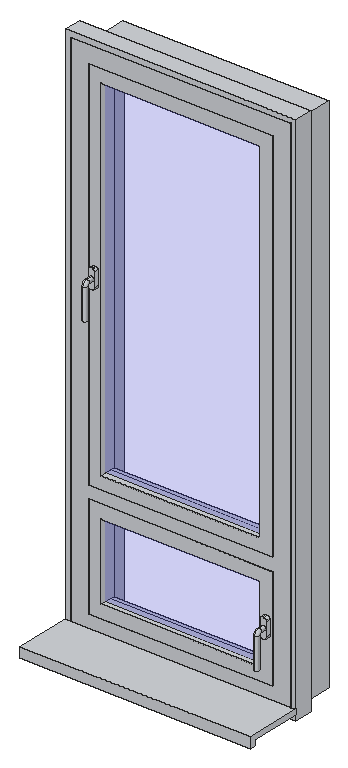
Revit family "AVLN_Окно_Фрамуга_1 створка", category Окна, Revit 2021
Family settings
  Основа = Стена
  Номер OmniClass = 23.30.20.00
  Заголовок OmniClass = Windows
  Всегда вертикально = Да
  При загрузке вырезать с полостями = Нет
  Общий = Нет
  Точка принадлежности помещению = Нет
Parameters (values of type "Для копирования!")
  Ширина рамы = 70 mm
  Ширина импоста = 50 mm
  Четверть слева/справа = 50 mm
  Четверть низ = 0 mm  # constant formula
  Четверть верх = 50 mm
  Толщина основы [instance] = 200 mm
  Створка_толщина = 25 mm  # constant formula
  Створка_снизу_высота = 400 mm
  Створка_профиль = 50 mm
  Створка ширина = Width - ((Ширина рамы * 2) + (Монтажный зазор * 2))  # 720 mm
  Створка высота = Height - (Створка_снизу_высота + (Ширина рамы * 2) + Ширина импоста + (Монтажный зазор * 2))  # 1470 mm
  Rough Width = Width - Монтажный зазор * 2  # 860 mm
  Rough Height = Height - Монтажный зазор * 2  # 2060 mm
  Подстановочный профиль_Ширина = 20 mm  # constant formula
  Подстановочный профиль_Толщина = 50 mm
  Подоконник_Толщина = 20 mm
  Подоконник_Длина = Width  # 900 mm
  Подоконник_Глубина = 190 mm
  Подоконник = yes
  Отлив_Толщина = 1 mm  # constant formula
  Отлив_Длина = Width - [Четверть слева/справа] * 2  # 800 mm
  Отлив_Глубина = 200 mm
  Отлив = no
  Откос_Н.Ширина = Width - 2 * [Четверть слева/справа]  # 800 mm
  Откос_Н.Толщина.8 = 32 mm
  Откос_Н.Толщина.7 = 28 mm
  Откос_Н.Толщина.6 = 24 mm
  Откос_Н.Толщина.5 = 20 mm
  Откос_Н.Толщина.4 = 16 mm
  Откос_Н.Толщина.3 = 12 mm
  Откос_Н.Толщина.2 = 8 mm
  Откос_Н.Толщина.1 = 4 mm
  Откос_Н.Отступ_П = 0 mm  # constant formula
  Откос_Н.Отступ_Л = 0 mm  # constant formula
  Откос_Н.Количество слоев = 1
  Откос_Н.Глубина = 150 mm
  Откос_Н.Высота = Height - Четверть верх - Четверть низ  # 2050 mm
  Откос_В.Толщина.8 = 32 mm
  Откос_В.Толщина.7 = 28 mm
  Откос_В.Толщина.6 = 24 mm
  Откос_В.Толщина.5 = 20 mm
  Откос_В.Толщина.4 = 16 mm
  Откос_В.Толщина.3 = 12 mm
  Откос_В.Толщина.2 = 8 mm
  Откос_В.Толщина.1 = 4 mm
  Откос_В.Отступ_П [instance] = Монтажный зазор + Подоконник_Толщина  # 40 mm
  Откос_В.Отступ_Л [instance] = Монтажный зазор + Подоконник_Толщина  # 40 mm
  Откос_В.Количество слоев = 0
  Откос_В.Глубина [instance] = Толщина основы - Глубина вставки - Ширина рамы  # 130 mm
  Определить тепловые свойства по = Тип схем
  Низ открывание = АВЛН_Створка открывная : Створка повороно-откидная левая
  Монтажный зазор = 20 mm
  М.Стекла = Стекло
  М.Рамы = none
  М.Подоконный профиль = none
  М.Подоконник = none
  М.Отлив = none
  М.Откос_Н.8 = none
  М.Откос_Н.7 = none
  М.Откос_Н.6 = none
  М.Откос_Н.5 = none
  М.Откос_Н.4 = none
  М.Откос_Н.3 = none
  М.Откос_Н.2 = none
  М.Откос_Н.1 = none
  М.Откос_В.8 = none
  М.Откос_В.7 = none
  М.Откос_В.6 = none
  М.Откос_В.5 = none
  М.Откос_В.4 = none
  М.Откос_В.3 = none
  М.Откос_В.2 = none
  М.Откос_В.1 = none
  М.Монтажного зазора = none
  Type Comments = ""
  Model = ""
  Глубина вставки = 0 mm
  Высота подоконника по умолчанию = 800 mm
  Height = 2100 mm
  Замыкание стены = По основе
  Width = 900 mm
  Верх открывание = АВЛН_Створка открывная : Створка повороно-откидная правая
  Аналитическая конструкция = "<Нет>"
  АВЛН_Проем_Ширина [instance] = Width  # 900 mm
  АВЛН_Проем_Высота [instance] = Height  # 2100 mm
  ADSK_Этаж [instance] = ""
  ADSK_Размер_Ширина = Width  # 900 mm
  ADSK_Размер_Высота = Height  # 2100 mm
  ADSK_Примечание [instance] = ""
  ADSK_Площадь = Height * Width  # 1.89 m²
  ADSK_Обозначение = ""
  ADSK_Номер секции [instance] = ""
  ADSK_Наименование = ""
  ADSK_Марка = ""
  ADSK_Группирование = ""
  -----------Разрезка----------- = "-----------"  # constant formula
  -----------Профили----------- = "-----------"  # constant formula
  -----------Подоконник----------- = "-----------"  # constant formula
  -----------Отлив----------- = "-----------"  # constant formula
  -----------Откос----------- = "-----------"  # constant formula
  -----------Основные габариты----------- = "-----------"  # constant formula
  -----------Вставка----------- = "-----------"  # constant formula
Reference planes
  plane 1 "По центру (Вперед/Назад)": y = 0
  plane 2 "По центру (Влево/Вправо)": x = 0
  plane 3 "Слева": x = -450
  plane 4 "Справа": x = 450
  plane 5 "Подоконник": z = 800
  plane 6 "Заголовок": z = 2900
  plane 7 "Наружный": y = 100
  plane 8 "Внутренние": y = -100
  plane 9 "Окно": y = 100
  plane 10: x = 430
  plane 11: z = 2880
  plane 12: x = -430
  plane 13: z = 820
  plane 14: x = 400
  plane 15: x = -400
  plane 16: z = 1850
  plane 17: y = 600
  plane 18: y = -400
  plane 19: z = 2850
  plane 20 "Чет. низ": z = 800
  plane 21 "Внутряння грань": y = 30
  plane 22: y = 80
  plane 23 "Импост верх": z = 1340
  plane 24 "Импост низ": z = 1290
  plane 25: z = 890
  plane 26: z = 2810
  plane 27: x = -360
  plane 28: x = 360
  plane 29 "4": z = 1315
  plane 30: z = 1090
  plane 31: x = 0
  plane 32: z = 2075
Forms (mm)
  Extrusion 1, void
    sketch origin (0, 100, 0) x (1, 0, 0) y (0, 0, 1)
      loop
        line (400, 2850) -> (-400, 2850) -> (-400, 800) -> (400, 800) -> (400, 2850)
    from -500 to 20
  Extrusion 2, void
    sketch origin (0, 100, 0) x (1, 0, 0) y (0, 0, 1)
      loop
        line (450, 2900) -> (-450, 2900) -> (-450, 800) -> (450, 800) -> (450, 2900)
    from 0 to 500
  Extrusion 3, solid, material <- "М.Монтажного зазора", detail levels medium+fine
    sketch origin (0, 100, 0) x (1, 0, 0) y (0, 0, 1)
      loop
        line (450, 2900) -> (-450, 2900) -> (-450, 800) -> (450, 800) -> (450, 2900)
      loop
        line (-430, 2880) -> (-430, 820) -> (430, 820) -> (430, 2880) -> (-430, 2880)
    from 0 to 70
  Extrusion 4, solid, material <- "М.Рамы", detail levels medium+fine
    sketch origin (0, 100, 0) x (-1, 0, 0) y (0, 0, 1)
      loop
        line (-430, 2880) -> (-430, 820) -> (430, 820) -> (430, 2880) -> (-430, 2880)
      loop
        line (-360, 2810) -> (-360, 1340) -> (360, 1340) -> (360, 2810) -> (-360, 2810)
      loop
        line (-360, 890) -> (360, 890) -> (360, 1290) -> (-360, 1290) -> (-360, 890)
    from -70 to 0
Lines and regions (mm)
  reference lines
    curve 1: line (-450, -100, 1315) -> (450, -100, 1315)
Text (mm)
  text "EXTERIOR" at (-1963.203, 1332.353, 0), in view "Опорный уровень"
  text "INTERIOR" at (-1981.466, -818.386, 0), in view "Опорный уровень"
  text "Наружный" at (0, 923.751, 2943.296), in view "Справа"
  text "Наружный" at (0, 1240.237, 2685.409), in view "Слева"
Dimensions and locks
  equal spacing: plane 3 "Слева", plane 2 "По центру (Влево/Вправо)", plane 4 "Справа"
  "Width": plane 3 "Слева" to plane 4 "Справа"
  "Height": plane 5 "Подоконник" to plane 6 "Заголовок"
  "Высота подоконника по умолчанию": plane 5 "Подоконник" to level
  locked: plane 7 "Наружный" to host wall
  locked: plane 8 "Внутренние" to host wall
  "Глубина вставки": plane 9 "Окно" to plane 7 "Наружный"
  "Монтажный зазор": plane 10 to plane 4 "Справа"
  "Монтажный зазор": plane 3 "Слева" to plane 12
  "Монтажный зазор": plane 11 to plane 6 "Заголовок"
  "Монтажный зазор": plane 5 "Подоконник" to plane 13
  "Четверть слева/справа": plane 14 to plane 4 "Справа"
  "Четверть слева/справа": plane 3 "Слева" to plane 15
  equal spacing: plane 5 "Подоконник", plane 16, plane 6 "Заголовок"
  locked: plane 7 "Наружный" to plane 17 at 500
  locked: plane 18 to plane 8 "Внутренние" at 300
  "Четверть верх": plane 19 to plane 6 "Заголовок"
  "Четверть низ": plane 5 "Подоконник" to plane 20 "Чет. низ"
  "Ширина рамы": plane 9 "Окно" to plane 21 "Внутряння грань"
  "Толщина основы": host wall to host wall
  locked: plane 22 to plane 21 "Внутряння грань" at 50
  "Ширина импоста": plane 24 "Импост низ" to plane 23 "Импост верх"
  "Ширина рамы": plane 28 to plane 10
  "Ширина рамы": plane 12 to plane 27
  "Ширина рамы": plane 13 to plane 25
  "Ширина рамы": plane 26 to plane 11
  plane 23 "Импост верх" to plane 26 = 1470 mm
  "Створка_снизу_высота": plane 25 to plane 24 "Импост низ"
  equal spacing: plane 23 "Импост верх", plane 29 "4", plane 24 "Импост низ"
  equal spacing: plane 3 "Слева", plane 31, plane 4 "Справа"
  equal spacing: plane 24 "Импост низ", plane 30, plane 25
  equal spacing: plane 26, plane 32, plane 23 "Импост верх", locked at 735 each
  aligned and locked: Extrusion 1 sketch curve to plane 14
  aligned and locked: Extrusion 1 sketch curve to plane 15
  aligned and locked: plane 17 to Extrusion 1
  aligned and locked: Extrusion 2 sketch curve to plane 6 "Заголовок"
  aligned and locked: Extrusion 2 sketch curve to plane 4 "Справа"
  aligned and locked: plane 5 "Подоконник" to Extrusion 2 sketch curve
  aligned and locked: plane 3 "Слева" to Extrusion 2 sketch curve
  aligned and locked: plane 9 "Окно" to Extrusion 2
  aligned and locked: Extrusion 2 to plane 18
  aligned and locked: Extrusion 1 sketch curve to plane 19
  aligned and locked: plane 20 "Чет. низ" to Extrusion 1 sketch curve
  aligned and locked: plane 9 "Окно" to nested 1
  aligned and locked: plane 2 "По центру (Влево/Вправо)" to nested 1
  aligned and locked: nested 2 to plane 21 "Внутряння грань"
  aligned and locked: nested 2 to plane 2 "По центру (Влево/Вправо)"
  aligned and locked: nested 3 to plane 2 "По центру (Влево/Вправо)"
  aligned and locked: plane 8 "Внутренние" to nested 3
  aligned and locked: nested 4 to plane 9 "Окно"
  aligned and locked: Extrusion 3 sketch curve to plane 6 "Заголовок"
  aligned and locked: Extrusion 3 sketch curve to plane 4 "Справа"
  aligned and locked: Extrusion 3 sketch curve to nested 2  (x2)
  aligned and locked: Extrusion 3 sketch curve to plane 11
  aligned and locked: Extrusion 3 sketch curve to plane 12
  aligned and locked: plane 13 to Extrusion 3 sketch curve
  aligned and locked: Extrusion 3 sketch curve to plane 10
  aligned and locked: Extrusion 3 to nested 2
  aligned and locked: plane 24 "Импост низ" to Extrusion 4 sketch curve
  aligned and locked: plane 23 "Импост верх" to Extrusion 4 sketch curve
  aligned and locked: Extrusion 4 sketch curve to Extrusion 4 sketch curve
  aligned and locked: plane 27 to Extrusion 4 sketch curve
  aligned and locked: Extrusion 4 sketch curve to plane 12
  aligned and locked: plane 13 to Extrusion 4 sketch curve
  aligned and locked: plane 28 to Extrusion 4 sketch curve  (x2)
  aligned and locked: plane 10 to Extrusion 4 sketch curve
  aligned and locked: Extrusion 4 sketch curve to plane 26
  aligned and locked: Extrusion 4 sketch curve to plane 11
  aligned and locked: plane 20 "Чет. низ" to nested 4
  aligned and locked: nested 4 to plane 2 "По центру (Влево/Вправо)"
  aligned and locked: plane 9 "Окно" to Extrusion 3
  aligned and locked: Extrusion 4 to plane 21 "Внутряння грань"
  aligned and locked: plane 9 "Окно" to Extrusion 4
  aligned and locked: Extrusion 1 to plane 22
  aligned and locked: curve 1 to plane 29 "4"
  aligned and locked: plane 3 "Слева" to curve 1
  aligned and locked: plane 4 "Справа" to curve 1
  aligned and locked: plane 30 to nested 6
  aligned and locked: plane 32 to nested 5
  aligned and locked: plane 31 to nested 5
  aligned and locked: plane 31 to nested 6
  aligned and locked: plane 31 to nested 8
  aligned and locked: nested 8 to plane 16
Automatic sketch dimensions
  Extrusion 4 sketch curve to plane 25 = 0 mm
Nested families
  nested 1: "Отлив" at (0, 100, 800) x (-1, 0, 0) z (0, 0, 1), Глубина отлива <- "Отлив_Глубина", Длина отлива <- "Отлив_Длина", ТО <- "Отлив_Толщина", Ш_МЗЗ <- "Монтажный зазор", Ш_ПП <- "Подстановочный профиль_Ширина", ADSK_Группирование <- "ADSK_Группирование", ADSK_Номер секции <- "ADSK_Номер секции", ADSK_Этаж <- "ADSK_Этаж", visible <- "Отлив", М <- "М.Отлив", type "Отлив", detail levels fine
    with Ш_ПП 20 mm, Ш_МЗЗ 20 mm, ТО 1 mm, М none, Длина отлива 800 mm, Глубина отлива 200 mm, ADSK_Этаж "", ADSK_Примечание "", ADSK_Обозначение "", ADSK_Номер секции "", ADSK_Наименование "", ADSK_Марка "", ADSK_Группирование ""
  nested 2: "Подоконник" at (0, 30, 800), Глубина подоконника <- "Подоконник_Глубина", Длина отлива <- "Подоконник_Длина", ТП <- "Подоконник_Толщина", Ш_МЗЗ <- "Монтажный зазор", Ш_ПП <- "Подстановочный профиль_Ширина", ADSK_Группирование <- "ADSK_Группирование", ADSK_Номер секции <- "ADSK_Номер секции", ADSK_Этаж <- "ADSK_Этаж", visible <- "Подоконник", М <- "М.Подоконник", type "Подоконник", detail levels fine
    with Ш_ПП 20 mm, Ш_МЗЗ 20 mm, ТП 20 mm, М none, Длина отлива 900 mm, Глубина подоконника 190 mm, ADSK_Этаж "", ADSK_Примечание "", ADSK_Обозначение "", ADSK_Номер секции "", ADSK_Наименование "", ADSK_Марка "", ADSK_Группирование ""
  nested 3: "AVLN_Откосы_R19" at (0, -100, 0), Глубина <- "Откос_В.Глубина", Высота от уровня <- "Высота подоконника по умолчанию", ADSK_Группирование <- "Type Comments", ADSK_Этаж <- "ADSK_Этаж", ADSK_Номер секции <- "ADSK_Номер секции", Материал_1 <- "М.Откос_В.1", Материал_2 <- "М.Откос_В.2", Материал_3 <- "М.Откос_В.3", Материал_4 <- "М.Откос_В.4", Материал_5 <- "М.Откос_В.5", Материал_6 <- "М.Откос_В.6", Материал_7 <- "М.Откос_В.7", Материал_8 <- "М.Откос_В.8", Толщина_1 <- "Откос_В.Толщина.1", Толщина_2 <- "Откос_В.Толщина.2", Толщина_3 <- "Откос_В.Толщина.3", Толщина_4 <- "Откос_В.Толщина.4", Толщина_5 <- "Откос_В.Толщина.5", Толщина_6 <- "Откос_В.Толщина.6", Толщина_7 <- "Откос_В.Толщина.7", Толщина_8 <- "Откос_В.Толщина.8", Количество слоев <- "Откос_В.Количество слоев", Отступ_Л <- "Откос_В.Отступ_Л", Отступ_П <- "Откос_В.Отступ_П", Высота <- "Height", Ширина <- "Width", type "AVLN_Откосы_R19"
    with Ширина_8 676 mm, Ширина_7 732 mm, Ширина_6 780 mm, Ширина_5 820 mm, Ширина_4 852 mm, Ширина_3 876 mm, Ширина_2 892 mm, Ширина 900 mm, Толщина_8 32 mm, Толщина_7 28 mm, Толщина_6 24 mm, Толщина_5 20 mm, Толщина_4 16 mm, Толщина_3 12 mm, Толщина_2 8 mm, Толщина_1 4 mm, Отступ_П 40 mm, Отступ_Л 40 mm, Материал_8 none, Материал_7 none, Материал_6 none, Материал_5 none, Материал_4 none, Материал_3 none, Материал_2 none, Материал_1 none, Количество слоев 0, Глубина 130 mm, Высота_8 1988 mm, Высота_7 2016 mm, Высота_6 2040 mm, Высота_5 2060 mm, Высота_4 2076 mm, Высота_3 2088 mm, Высота_2 2096 mm, Высота от уровня 800 mm, Высота 2100 mm, Видимость_8 no, Видимость_7 no, Видимость_6 no, Видимость_5 no, Видимость_4 no, Видимость_3 no, Видимость_2 no, Видимость_1 no, ADSK_Этаж "", ADSK_Номер секции "", ADSK_Группирование ""
  nested 4: "AVLN_Откосы_R19" at (0, 100, 0), Ширина <- "Откос_Н.Ширина", Глубина <- "Откос_Н.Глубина", Высота <- "Откос_Н.Высота", Высота от уровня <- "Высота подоконника по умолчанию", ADSK_Группирование <- "Type Comments", ADSK_Этаж <- "ADSK_Этаж", ADSK_Номер секции <- "ADSK_Номер секции", Материал_1 <- "М.Откос_Н.1", Материал_2 <- "М.Откос_Н.2", Материал_3 <- "М.Откос_Н.3", Материал_4 <- "М.Откос_Н.4", Материал_5 <- "М.Откос_Н.5", Материал_6 <- "М.Откос_Н.6", Материал_7 <- "М.Откос_Н.7", Материал_8 <- "М.Откос_Н.8", Толщина_1 <- "Откос_Н.Толщина.1", Толщина_2 <- "Откос_Н.Толщина.2", Толщина_3 <- "Откос_Н.Толщина.3", Толщина_4 <- "Откос_Н.Толщина.4", Толщина_5 <- "Откос_Н.Толщина.5", Толщина_6 <- "Откос_Н.Толщина.6", Толщина_7 <- "Откос_Н.Толщина.7", Толщина_8 <- "Откос_Н.Толщина.8", Количество слоев <- "Откос_Н.Количество слоев", Отступ_Л <- "Откос_Н.Отступ_Л", Отступ_П <- "Откос_Н.Отступ_П", type "AVLN_Откосы_R19"
    with Ширина_8 576 mm, Ширина_7 632 mm, Ширина_6 680 mm, Ширина_5 720 mm, Ширина_4 752 mm, Ширина_3 776 mm, Ширина_2 792 mm, Ширина 800 mm, Толщина_8 32 mm, Толщина_7 28 mm, Толщина_6 24 mm, Толщина_5 20 mm, Толщина_4 16 mm, Толщина_3 12 mm, Толщина_2 8 mm, Толщина_1 4 mm, Отступ_П 0 mm, Отступ_Л 0 mm, Материал_8 none, Материал_7 none, Материал_6 none, Материал_5 none, Материал_4 none, Материал_3 none, Материал_2 none, Материал_1 none, Количество слоев 1, Глубина 150 mm, Высота_8 1938 mm, Высота_7 1966 mm, Высота_6 1990 mm, Высота_5 2010 mm, Высота_4 2026 mm, Высота_3 2038 mm, Высота_2 2046 mm, Высота от уровня 800 mm, Высота 2050 mm, Видимость_8 no, Видимость_7 no, Видимость_6 no, Видимость_5 no, Видимость_4 no, Видимость_3 no, Видимость_2 no, Видимость_1 yes, ADSK_Этаж "", ADSK_Номер секции "", ADSK_Группирование ""
  nested 5: "АВЛН_Створка открывная" at (0, 30, 2075) x (1, 0, 0) z (0, 1, 0), type <- "Верх открывание", Ширина рамы <- "Створка_профиль", Створка высота <- "Створка высота", Створка ширина <- "Створка ширина", Материал_Ручки <- "М.Рамы", Материал_Рама <- "М.Рамы", Материал_Стеклопакет <- "М.Стекла", type "Створка повороно-откидная правая", detail levels medium+fine
    with Ширина рамы 50 mm, Створка ширина 720 mm, Створка высота 1470 mm, Материал_Стеклопакет Стекло, Материал_Ручки none, Материал_Рама none, Width 720 mm, Height 1470 mm
  nested 6: "АВЛН_Створка открывная" at (0, 30, 1090) x (1, 0, 0) z (0, 1, 0), type <- "Низ открывание", Ширина рамы <- "Створка_профиль", Створка высота <- "Створка_снизу_высота", Створка ширина <- "Створка ширина", Материал_Ручки <- "М.Рамы", Материал_Рама <- "М.Рамы", Материал_Стеклопакет <- "М.Стекла", type "Створка повороно-откидная левая", detail levels medium+fine
    with Ширина рамы 50 mm, Створка ширина 720 mm, Створка высота 400 mm, Материал_Стеклопакет Стекло, Материал_Ручки none, Материал_Рама none, Width 720 mm, Height 1470 mm
  nested 7: "Откос_R1" at (0, 175, 800), type "Откос_R19 2"
    with Площадь 0.735 m², Отступ_П 0 mm, Отступ_Л 0 mm, Материал none, Видимость yes, ADSK_Этаж "", ADSK_Размер_Ширина 800 mm, ADSK_Размер_Толщина 4 mm, ADSK_Размер_Глубина 150 mm, ADSK_Размер_Высота 2050 mm, ADSK_Номер секции "", ADSK_Группирование ""
  nested 8: "AVLN_Обозначение проема" at (0, 100, 1850) x (0, 0, -1) z (0, -1, 0), ADSK_Размер_Высота <- "АВЛН_Проем_Ширина", ADSK_Размер_Ширина <- "АВЛН_Проем_Высота", type "AVLN_Обозначение проема", detail levels coarse
    with ADSK_Размер_Ширина 2100 mm, ADSK_Размер_Высота 900 mm
Definition of nested family "Отлив"
  Parameters (values of type "Отлив")
    Ш_ПП [instance] = 50 mm
    Ш_МЗЗ [instance] = 35 mm
    ТО [instance] = 1 mm
    Default Elevation = 1219.2 mm
    М [instance] = none
    Длина отлива [instance] = 1560 mm
    Глубина отлива [instance] = 280 mm
    ADSK_Этаж [instance] = ""
    ADSK_Примечание [instance] = ""
    ADSK_Обозначение [instance] = ""
    ADSK_Номер секции [instance] = ""
    ADSK_Наименование [instance] = ""
    ADSK_Марка [instance] = ""
    ADSK_Группирование [instance] = ""
  Reference planes
    plane 1 "По центру (Вперед/Назад)": y = 0
    plane 2: z = 0
    plane 3 "По центру (Влево/Вправо)": x = 0
    plane 4: y = -280
    plane 5: x = -780
    plane 6: x = 780
    plane 7: z = 35
    plane 8: z = 85
    plane 9: y = -1
    plane 10: y = -300
    plane 11: y = -301
    plane 12: z = -35
    plane 13: z = 34
  Forms (mm)
    Extrusion 1, solid, material <- "М"
      sketch origin (0, 0, 0) x (0, 1, 0) y (0, 0, 1)
        loop
          line (0, 85) -> (-1, 85) -> (-1, 34.893) -> (-301, 0.893) -> (-301, -35) -> (-300, -35) -> (-300, 0) -> (0, 34) -> (0, 85)
      from -780 to 780
  Dimensions and locks
    equal spacing: plane 5, plane 3 "По центру (Влево/Вправо)", plane 6
    "Длина отлива": plane 5 to plane 6
    "Глубина отлива": plane 4 to plane 1 "По центру (Вперед/Назад)"
    "Ш_МЗЗ": plane 7 to level
    "Ш_ПП": plane 8 to plane 7
    "ТО": plane 1 "По центру (Вперед/Назад)" to plane 9
    "ТО": plane 10 to plane 11
    locked: level to plane 12 at 35
    "ТО": plane 7 to plane 13
    "ТО": Extrusion 1 sketch curve to Extrusion 1 sketch curve
    locked: plane 4 to plane 10 at 20
    aligned and locked: level to plane 2
    aligned and locked: plane 8 to Extrusion 1 sketch curve
    aligned and locked: plane 9 to Extrusion 1 sketch curve
    aligned and locked: plane 11 to Extrusion 1 sketch curve
    aligned and locked: plane 12 to Extrusion 1 sketch curve
    aligned and locked: plane 1 "По центру (Вперед/Назад)" to Extrusion 1 sketch curve  (x2)
    aligned and locked: plane 13 to Extrusion 1 sketch curve
    aligned and locked: level to Extrusion 1 sketch curve
    aligned and locked: plane 10 to Extrusion 1 sketch curve
    aligned and locked: plane 6 to Extrusion 1
    aligned and locked: Extrusion 1 to plane 5
Definition of nested family "Подоконник"
  Parameters (values of type "Подоконник")
    Ш_ПП [instance] = 50 mm
    Ш_МЗЗ [instance] = 35 mm
    ТП [instance] = 20 mm
    Default Elevation = 1219.2 mm
    М [instance] = none
    Длина отлива [instance] = 1560 mm
    Глубина подоконника [instance] = 280 mm
    ADSK_Этаж [instance] = ""
    ADSK_Примечание [instance] = ""
    ADSK_Обозначение [instance] = ""
    ADSK_Номер секции [instance] = ""
    ADSK_Наименование [instance] = ""
    ADSK_Марка [instance] = ""
    ADSK_Группирование [instance] = ""
  Reference planes
    plane 1 "По центру (Вперед/Назад)": y = 0
    plane 2: z = 0
    plane 3 "По центру (Влево/Вправо)": x = 0
    plane 4: y = -280
    plane 5: x = -780
    plane 6: x = 780
    plane 7: z = 35
    plane 8: z = 85
    plane 9: y = -20
    plane 10: y = -290
    plane 11: y = -310
    plane 12: z = -35
    plane 13: z = 15
    plane 14: z = 65
  Forms (mm)
    Extrusion 1, solid, material <- "М"
      sketch origin (0, 0, 0) x (0, 1, 0) y (0, 0, 1)
        loop
          line (0, 85) -> (-310, 85) -> (-310, 0) -> (-290, 0) -> (-290, 65) -> (0, 65) -> (0, 85)
      from -780 to 780
  Dimensions and locks
    equal spacing: plane 5, plane 3 "По центру (Влево/Вправо)", plane 6
    "Длина отлива": plane 5 to plane 6
    "Глубина подоконника": plane 4 to plane 1 "По центру (Вперед/Назад)"
    "Ш_МЗЗ": plane 7 to level
    "Ш_ПП": plane 8 to plane 7
    "ТП": plane 1 "По центру (Вперед/Назад)" to plane 9
    "ТП": plane 10 to plane 11
    locked: level to plane 12 at 35
    "ТП": plane 7 to plane 13
    locked: plane 4 to plane 10 at 10
    "ТП": plane 8 to plane 14
    aligned and locked: level to plane 2
    aligned and locked: plane 8 to Extrusion 1 sketch curve
    aligned and locked: plane 1 "По центру (Вперед/Назад)" to Extrusion 1 sketch curve
    aligned and locked: plane 10 to Extrusion 1 sketch curve
    aligned and locked: plane 11 to Extrusion 1 sketch curve
    aligned and locked: level to Extrusion 1 sketch curve
    aligned and locked: plane 14 to Extrusion 1 sketch curve
    aligned and locked: Extrusion 1 to plane 5
    aligned and locked: plane 6 to Extrusion 1
Definition of nested family "АВЛН_Створка открывная"
  Parameters (values of type "Створка повороно-откидная правая")
    Ширина рамы [instance] = 50 mm
    Width = 600 mm
    Створка ширина [instance] = 800 mm
    Створка высота [instance] = 700 mm
    Материал_Стеклопакет [instance] = none
    Поворотная Правая = yes
    Поворотная Левая = no
    Default Elevation = 1219.2 mm
    Открываная = yes
    Откидная = yes
    Материал_Ручки [instance] = none
    Материал_Рама [instance] = none
    Левая = yes
    Глухое = no
    Height = 1150 mm
    Analytic Construction = "<Нет>"
  Types (6, lengths in mm): name | Width | Поворотная Правая | Поворотная Левая | Открываная | Откидная | Глухое | Height
    Створка повороно-откидная правая | 600 | yes | no | yes | yes | no | 1150
    Створка повороно-откидная левая | 600 | no | yes | yes | yes | no | 1150
    Створка глухая | 600 | no | no | no | no | yes | 1150
    Створка откидная | 1300 | no | no | yes | yes | no | 1700
    Створка поворотная правая | 600 | yes | no | yes | no | no | 1150
    Створка поворотная левая | 600 | no | yes | yes | no | no | 1150
  Reference planes
    plane 1 "По центру (Вперед/Назад)": y = 0
    plane 2 "Внутрення грань": z = 0
    plane 3 "По центру (Влево/Вправо)": x = 0
    plane 4: y = 350
    plane 5: x = 400
    plane 6: y = -350
    plane 7: x = -400
    plane 8 "Наружняя грань": z = 60.433
    plane 9 "По центру Л/Р": z = 30.216
  Forms (mm)
    Extrusion 1, solid
      sketch origin (0, 0, 0) x (1, 0, 0) y (0, 1, 0)
        loop
          line (-1219.2, 1219.2) -> (-1219.2, -1219.2) -> (1219.2, -1219.2) -> (1219.2, 1219.2) -> (-1219.2, 1219.2)
      from 0 to -304.8
    Sweep 2, solid, material <- "Материал_Рама", visible <- "Открываная"
      path origin (0, 0, 0) x (1, 0, 0) y (0, 1, 0)
        loop
          line (400, 350) -> (-400, 350) -> (-400, -350) -> (400, -350) -> (400, 350)
      profile origin (0, 350, 0) x (0, -1, 0) y (0, 0, 1)
        loop
          line (0, 0) -> (50, 0) -> (50, 60.433) -> (0, 60.433) -> (0, 0)
    Extrusion 3, solid, material <- "Материал_Стеклопакет", visible <- "Открываная"
      sketch origin (0, 0, 0) x (1, 0, 0) y (0, 1, 0)
        loop
          line (-350, 300) -> (-350, -300) -> (350, -300) -> (350, 300) -> (-350, 300)
      from 17.481 to 42.952
    Extrusion 4, solid, material <- "Материал_Стеклопакет", visible <- "Глухое"
      sketch origin (0, 0, 0) x (1, 0, 0) y (0, 1, 0)
        loop
          line (-400, 350) -> (-400, -350) -> (400, -350) -> (400, 350) -> (-400, 350)
      from 17.481 to 42.952
  Lines and regions (mm)
    model lines, visible <- "Глухое", detail levels medium+fine
      curve 1: line (0, 50, 60.433) -> (0, -50, 60.433)
      curve 2: line (50, 0, 60.433) -> (-50, 0, 60.433)
      curve 17: line (0, 50, 0) -> (0, -50, 0)
      curve 18: line (50, 0, 0) -> (-50, 0, 0)
    model lines, visible <- "Глухое", not visible, detail levels medium+fine
      curve 3: line (60, 38.001, 60.433) -> (60, -61.999, 60.433)
      curve 4: line (110, -11.999, 60.433) -> (10, -11.999, 60.433)
    model lines, visible <- "Поворотная Правая", detail levels medium+fine
      curve 5: line (400, 350, 0) -> (-400, 0, 0)
      curve 6: line (400, -350, 0) -> (-400, 0, 0)
      curve 13: line (400, 350, 60.433) -> (-400, 0, 60.433)
      curve 14: line (400, -350, 60.433) -> (-400, 0, 60.433)
    model lines, visible <- "Откидная", detail levels medium+fine
      curve 7: line (-400, -350, 0) -> (0, 350, 0)
      curve 8: line (0, 350, 0) -> (400, -350, 0)
      curve 15: line (-400, -350, 60.433) -> (0, 350, 60.433)
      curve 16: line (0, 350, 60.433) -> (400, -350, 60.433)
    model lines, visible <- "Поворотная Левая", detail levels medium+fine
      curve 9: line (-400, 350, 0) -> (400, 0, 0)
      curve 10: line (-400, -350, 0) -> (400, 0, 0)
      curve 11: line (-400, 350, 60.433) -> (400, 0, 60.433)
      curve 12: line (-400, -350, 60.433) -> (400, 0, 60.433)
  Dimensions and locks
    "Створка высота": plane 4 to plane 6
    "Створка ширина": plane 7 to plane 5
    equal spacing: plane 7, plane 3 "По центру (Влево/Вправо)", plane 5
    equal spacing: plane 6, plane 1 "По центру (Вперед/Назад)", plane 4
    plane 2 "Внутрення грань" to plane 8 "Наружняя грань" = 60.433 mm
    level to Extrusion 4 = 42.952 mm
    plane 8 "Наружняя грань" to level = 60.433 mm
    equal spacing: Extrusion 3, plane 9 "По центру Л/Р", Extrusion 3
    equal spacing: plane 8 "Наружняя грань", plane 9 "По центру Л/Р", level
    Extrusion 3 to Extrusion 3 = 25.471 mm
    "Ширина рамы": profile plane to Sweep 2 sketch curve
    equal spacing: Extrusion 4, plane 9 "По центру Л/Р", Extrusion 4, locked at 12.735 each
    locked: Extrusion 4 to Extrusion 4 at 25.471
    equal spacing: Sweep 2, nested 1, Sweep 2
    equal spacing: Sweep 2, nested 2, Sweep 2
    aligned and locked: plane 2 "Внутрення грань" to Extrusion 1
    aligned and locked: level to Extrusion 1
    aligned and locked: plane 4 to Sweep 2 sketch curve
    aligned and locked: plane 5 to Sweep 2 sketch curve
    aligned and locked: plane 6 to Sweep 2 sketch curve
    aligned and locked: Sweep 2 sketch curve to plane 7
    aligned and locked: Extrusion 3 sketch curve to Sweep 2  (x4)
    aligned and locked: Extrusion 4 sketch curve to Sweep 2  (x3)
    aligned and locked: Extrusion 4 sketch curve to plane 5
    aligned and locked: Sweep 2 sketch curve to plane 8 "Наружняя грань"
    aligned and locked: plane 6 to Extrusion 4
    aligned and locked: plane 4 to Extrusion 4
    aligned and locked: curve 2 to plane 1 "По центру (Вперед/Назад)"
    aligned and locked: curve 1 to plane 3 "По центру (Влево/Вправо)"
    aligned and locked: curve 18 to plane 1 "По центру (Вперед/Назад)"
    aligned and locked: curve 17 to plane 3 "По центру (Влево/Вправо)"
    aligned and locked: nested 2 to plane 1 "По центру (Вперед/Назад)"
    aligned and locked: nested 1 to plane 1 "По центру (Вперед/Назад)"
  Automatic sketch dimensions
    Extrusion 1 sketch curve to Extrusion 1 sketch curve = 2438.4 mm  (x2)
    plane 1 "По центру (Вперед/Назад)" to curve 5 = 0 mm
    curve 5 to plane 7 = 0 mm
    curve 9 to plane 4 = 0 mm
    curve 9 to plane 7 = 0 mm
    plane 6 to curve 7 = 0 mm
    curve 7 to plane 7 = 0 mm
    curve 7 to plane 3 "По центру (Влево/Вправо)" = 0 mm
    curve 6 to plane 5 = 0 mm
    plane 1 "По центру (Вперед/Назад)" to curve 9 = 0 mm
    curve 9 to plane 5 = 0 mm
    curve 5 to plane 4 = 0 mm
    curve 5 to plane 5 = 0 mm
    plane 6 to curve 8 = 0 mm
    curve 8 to plane 4 = 0 mm
    curve 11 to plane 4 = 0 mm
    curve 11 to plane 7 = 0 mm
    plane 6 to curve 15 = 0 mm
    curve 15 to plane 7 = 0 mm
    plane 1 "По центру (Вперед/Назад)" to curve 14 = 0 mm
    curve 14 to plane 7 = 0 mm
    curve 15 to plane 3 "По центру (Влево/Вправо)" = 0 mm
    plane 1 "По центру (Вперед/Назад)" to curve 11 = 0 mm
    curve 11 to plane 5 = 0 mm
    curve 14 to plane 5 = 0 mm
    curve 13 to plane 4 = 0 mm
    curve 13 to plane 5 = 0 mm
    plane 6 to curve 14 = 0 mm
    curve 15 to plane 4 = 0 mm
    plane 1 "По центру (Вперед/Назад)" to curve 2 = 0 mm
    curve 1 to plane 3 "По центру (Влево/Вправо)" = 0 mm
    curve 2 to plane 3 "По центру (Влево/Вправо)" = 50 mm
    plane 3 "По центру (Влево/Вправо)" to curve 2 = 50 mm
    plane 1 "По центру (Вперед/Назад)" to curve 1 = 50 mm
    curve 1 to plane 1 "По центру (Вперед/Назад)" = 50 mm
    curve 18 to curve 17 = 50 mm
    curve 17 to curve 18 = 50 mm
    plane 1 "По центру (Вперед/Назад)" to curve 17 = 50 mm
    curve 17 to plane 1 "По центру (Вперед/Назад)" = 50 mm
    Sweep 2 sketch curve to level = 0 mm
    Sweep 2 sketch curve to profile plane = 0 mm
  Nested families
    nested 1: "АВЛН_Ручка" at (375, 1040, 0) x (1, 0, 0) z (0, -1, 0), visible <- "Поворотная Левая", Материал дверной ручки <- "Материал_Рама", type "АВЛН_Ручка", detail levels fine
      with Материал дверной ручки none, Высота расположения дверной ручки 1040 mm
    nested 2: "АВЛН_Ручка" at (-375, 1040, 0) x (1, 0, 0) z (0, -1, 0), visible <- "Поворотная Правая", Материал дверной ручки <- "Материал_Рама", type "АВЛН_Ручка", detail levels fine
      with Материал дверной ручки none, Высота расположения дверной ручки 1040 mm
  Definition of nested family "АВЛН_Ручка"
    Parameters (values of type "АВЛН_Ручка")
      Default Elevation = 1219.2 mm
      Материал дверной ручки [instance] = none
      Высота расположения дверной ручки [instance] = 1040 mm
      Analytic Construction = "<Нет>"
      b = 25 mm
      a = 75 mm
    Reference planes
      plane 1 "По центру (Вперед/Назад)": y = 0
      plane 2: z = 0
      plane 3 "По центру (Влево/Вправо)": x = 0
      plane 4: z = 1040
      plane 5: x = 12.5
      plane 6: x = -12.5
      plane 7: z = 1002.5
      plane 8: z = 1077.5
      plane 9: y = -15
    Forms (mm)
      Extrusion 1, solid, material <- "Материал дверной ручки"
        sketch origin (0, 0, 2080) x (-1, 0, 0) y (0, 0, -1)
          loop
            arc (-2.5, 1077.5) -> (-9.571, 1074.571) -> (-12.5, 1067.5) r 10
            line (-12.5, 1067.5) -> (-12.5, 1012.5)
            arc (-12.5, 1012.5) -> (-9.571, 1005.429) -> (-2.5, 1002.5) r 10
            line (-2.5, 1002.5) -> (2.5, 1002.5)
            arc (2.5, 1002.5) -> (9.571, 1005.429) -> (12.5, 1012.5) r 10
            line (12.5, 1012.5) -> (12.5, 1067.5)
            arc (12.5, 1067.5) -> (9.571, 1074.571) -> (2.5, 1077.5) r 10
            line (2.5, 1077.5) -> (-2.5, 1077.5)
        from 0 to 15
      Sweep 2, solid, material <- "Материал дверной ручки"
        path origin (-1040, 0, 1040) x (0, 0, -1) y (0, 1, 0)
          loop
            line (0, -15) -> (0, -38.261)
            arc (0, -38.261) -> (-2.929, -45.332) -> (-10, -48.261) r 10
            line (-10, -48.261) -> (-130, -48.261)
        profile origin (-1040, -26.63, 1040) x (0, 0, -1) y (1, 0, 0)
          loop
            circle (0, 1040) r 8
    Dimensions and locks
      "Высота расположения дверной ручки": plane 4 to level
      "a": plane 7 to plane 8
      "b": plane 6 to plane 5
      plane 6 to plane 5 = 25 mm
      locked: plane 1 "По центру (Вперед/Назад)" to plane 9 at 15
      plane 7 to plane 8 = 75 mm
      aligned and locked: level to plane 2
      aligned and locked: Extrusion 1 sketch curve to plane 7
      aligned and locked: plane 5 to Extrusion 1 sketch curve
      aligned and locked: plane 8 to Extrusion 1 sketch curve
      aligned and locked: Extrusion 1 sketch curve to plane 6
      aligned and locked: Extrusion 1 to plane 1 "По центру (Вперед/Назад)"
    Automatic sketch dimensions
      Sweep 2 sketch curve to plane 9 = 0 mm
      plane 4 to Sweep 2 sketch curve = 10 mm
      plane 9 to Sweep 2 sketch curve = 23.261 mm
      Sweep 2 sketch curve to Sweep 2 sketch curve = 120 mm
      Sweep 2 sketch curve to profile plane = 0 mm
      profile plane to Sweep 2 sketch curve = 1040 mm
      Sweep 2 sketch curve to plane 4 = 0 mm
      plane 3 "По центру (Влево/Вправо)" to Extrusion 1 sketch curve = 2.5 mm  (x2)
      Extrusion 1 sketch curve to plane 3 "По центру (Влево/Вправо)" = 2.5 mm  (x2)
      radius of Sweep 2 sketch curve = 8 mm
Definition of nested family "Откос_R1"
  Parameters (values of type "Откос_R19")
    Площадь [instance] = (ADSK_Размер_Ширина + 2 * ADSK_Размер_Высота) * ADSK_Размер_Глубина  # 2.93564 m²
    Отступ_П [instance] = 0 mm
    Отступ_Л [instance] = 0 mm
    Материал [instance] = none
    Model = "Внутренний слой откоса"  # constant formula
    Видимость [instance] = yes
    ADSK_Этаж [instance] = ""
    ADSK_Размер_Ширина [instance] = 1880 mm
    ADSK_Размер_Толщина [instance] = 164.158 mm
    ADSK_Размер_Глубина [instance] = 560 mm
    ADSK_Размер_Высота [instance] = 1681.106 mm
    ADSK_Примечание = ""
    ADSK_Обозначение = ""
    ADSK_Номер секции [instance] = ""
    ADSK_Наименование = ""
    ADSK_Марка = ""
    ADSK_Группирование [instance] = ""
  Reference planes
    plane 1 "По центру (Вперед/Назад)": y = 0
    plane 2: z = 0
    plane 3 "По центру (Влево/Вправо)": x = 0
    plane 4: x = -940
    plane 5: x = 940
    plane 6: y = 280
    plane 7: y = -280
    plane 8: x = -775.842
    plane 9: z = 1681.106
    plane 10: z = 0
    plane 11: z = 0
  Forms (mm)
    Sweep 1, solid, material <- "Материал", visible <- "Видимость"
      path origin (0, 0, 0) x (1, 0, 0) y (0, 0, 1)
        loop
          line (940, 0) -> (940, 1681.106) -> (-940, 1681.106) -> (-940, 0)
      profile origin (-940, 0, 840.553) x (0, -1, 0) y (1, 0, 0)
        loop
          line (-280, 0) -> (280, 0) -> (280, 164.158) -> (-280, 164.158) -> (-280, 0)
  Dimensions and locks
    equal spacing: plane 6, plane 1 "По центру (Вперед/Назад)", plane 7
    equal spacing: plane 4, plane 3 "По центру (Влево/Вправо)", plane 5
    "ADSK_Размер_Толщина": plane 4 to plane 8
    "ADSK_Размер_Глубина": plane 6 to plane 7
    "ADSK_Размер_Высота": plane 9 to level
    "ADSK_Размер_Ширина": plane 5 to plane 4
    "Отступ_Л": plane 10 to level
    "Отступ_П": plane 11 to level
    aligned and locked: level to plane 2
    aligned and locked: Sweep 1 sketch curve to plane 4
    aligned and locked: Sweep 1 sketch curve to plane 9
    aligned and locked: Sweep 1 sketch curve to plane 5
    aligned and locked: plane 6 to Sweep 1 sketch curve
    aligned and locked: profile plane to Sweep 1 sketch curve
    aligned and locked: Sweep 1 sketch curve to plane 7
    aligned and locked: plane 8 to Sweep 1 sketch curve
    aligned and locked: plane 10 to Sweep 1 sketch curve
    aligned and locked: plane 11 to Sweep 1 sketch curve
Definition of nested family "AVLN_Откосы_R19"
  Parameters (values of type "AVLN_Откосы_R19")
    Ширина_8 [instance] = Ширина_7 - Толщина_7 * 2  # 776 mm
    Ширина_7 [instance] = Ширина_6 - Толщина_6 * 2  # 832 mm
    Ширина_6 [instance] = Ширина_5 - Толщина_5 * 2  # 880 mm
    Ширина_5 [instance] = Ширина_4 - Толщина_4 * 2  # 920 mm
    Ширина_4 [instance] = Ширина_3 - Толщина_3 * 2  # 952 mm
    Ширина_3 [instance] = Ширина_2 - Толщина_2 * 2  # 976 mm
    Ширина_2 [instance] = Ширина - Толщина_1 * 2  # 992 mm
    Ширина [instance] = 1000 mm
    Толщина_8 [instance] = 32 mm
    Толщина_7 [instance] = 28 mm
    Толщина_6 [instance] = 24 mm
    Толщина_5 [instance] = 20 mm
    Толщина_4 [instance] = 16 mm
    Толщина_3 [instance] = 12 mm
    Толщина_2 [instance] = 8 mm
    Толщина_1 [instance] = 4 mm
    Отступ_П [instance] = 0 mm
    Отступ_Л [instance] = 0 mm
    Default Elevation = 1219.2 mm
    Материал_8 [instance] = none
    Материал_7 [instance] = none
    Материал_6 [instance] = none
    Материал_5 [instance] = none
    Материал_4 [instance] = none
    Материал_3 [instance] = none
    Материал_2 [instance] = none
    Материал_1 [instance] = none
    Type Comments = ""
    Количество слоев [instance] = 8
    Глубина [instance] = 200 mm
    Высота_8 [instance] = Высота_7 - Толщина_7  # 1388 mm
    Высота_7 [instance] = Высота_6 - Толщина_6  # 1416 mm
    Высота_6 [instance] = Высота_5 - Толщина_5  # 1440 mm
    Высота_5 [instance] = Высота_4 - Толщина_4  # 1460 mm
    Высота_4 [instance] = Высота_3 - Толщина_3  # 1476 mm
    Высота_3 [instance] = Высота_2 - Толщина_2  # 1488 mm
    Высота_2 [instance] = Высота - Толщина_1  # 1496 mm
    Высота от уровня [instance] = 377.189 mm
    Высота [instance] = 1500 mm
    Видимость_8 [instance] = Количество слоев > 7  # yes
    Видимость_7 [instance] = Количество слоев > 6  # yes
    Видимость_6 [instance] = Количество слоев > 5  # yes
    Видимость_5 [instance] = Количество слоев > 4  # yes
    Видимость_4 [instance] = Количество слоев > 3  # yes
    Видимость_3 [instance] = Количество слоев > 2  # yes
    Видимость_2 [instance] = Количество слоев > 1  # yes
    Видимость_1 [instance] = Количество слоев > 0  # yes
    ADSK_Этаж [instance] = ""
    ADSK_Номер секции [instance] = ""
    ADSK_Группирование [instance] = ""
  Reference planes
    plane 1 "По центру (Вперед/Назад)": y = 0
    plane 2: z = 0
    plane 3 "По центру (Влево/Вправо)": x = 0
    plane 4: y = 200
    plane 5: z = 377.189
  Dimensions and locks
    "Глубина": plane 4 to plane 1 "По центру (Вперед/Назад)"
    "Высота от уровня": plane 5 to level
    aligned and locked: level to plane 2
    aligned and locked: plane 3 "По центру (Влево/Вправо)" to nested 1
    aligned and locked: nested 1 to plane 1 "По центру (Вперед/Назад)"
    aligned and locked: plane 3 "По центру (Влево/Вправо)" to nested 2
    aligned and locked: nested 2 to plane 1 "По центру (Вперед/Назад)"
    aligned and locked: plane 3 "По центру (Влево/Вправо)" to nested 3
    aligned and locked: nested 3 to plane 1 "По центру (Вперед/Назад)"
    aligned and locked: plane 3 "По центру (Влево/Вправо)" to nested 4
    aligned and locked: nested 4 to plane 1 "По центру (Вперед/Назад)"
    aligned and locked: plane 3 "По центру (Влево/Вправо)" to nested 5
    aligned and locked: nested 5 to plane 1 "По центру (Вперед/Назад)"
    aligned and locked: plane 3 "По центру (Влево/Вправо)" to nested 6
    aligned and locked: nested 6 to plane 1 "По центру (Вперед/Назад)"
    aligned and locked: plane 3 "По центру (Влево/Вправо)" to nested 7
    aligned and locked: nested 7 to plane 1 "По центру (Вперед/Назад)"
    aligned and locked: plane 3 "По центру (Влево/Вправо)" to nested 8
    aligned and locked: nested 8 to plane 1 "По центру (Вперед/Назад)"
  Nested families
    nested 1: "Откос_R1" at (0, 100, 377.189), ADSK_Размер_Глубина <- "Глубина", built-in parameter 1001364 <- "Высота от уровня", ADSK_Группирование <- "ADSK_Группирование", ADSK_Номер секции <- "ADSK_Номер секции", ADSK_Этаж <- "ADSK_Этаж", visible <- "Видимость_1", Видимость <- "Видимость_1", Материал <- "Материал_1", ADSK_Размер_Высота <- "Высота", ADSK_Размер_Толщина <- "Толщина_1", ADSK_Размер_Ширина <- "Ширина", Отступ_Л <- "Отступ_Л", Отступ_П <- "Отступ_П", type "Откос_R19 2"
      with Площадь 0.80 m², Отступ_П 0 mm, Отступ_Л 0 mm, Материал none, Видимость yes, ADSK_Этаж "", ADSK_Размер_Ширина 1000 mm, ADSK_Размер_Толщина 4 mm, ADSK_Размер_Глубина 200 mm, ADSK_Размер_Высота 1500 mm, ADSK_Номер секции "", ADSK_Группирование ""
    nested 2: "Откос_R1" at (0, 100, 377.189), ADSK_Размер_Глубина <- "Глубина", built-in parameter 1001364 <- "Высота от уровня", ADSK_Группирование <- "ADSK_Группирование", ADSK_Номер секции <- "ADSK_Номер секции", ADSK_Этаж <- "ADSK_Этаж", visible <- "Видимость_2", Видимость <- "Видимость_2", Материал <- "Материал_2", ADSK_Размер_Высота <- "Высота_2", ADSK_Размер_Толщина <- "Толщина_2", ADSK_Размер_Ширина <- "Ширина_2", Отступ_Л <- "Отступ_Л", Отступ_П <- "Отступ_П", type "Откос_R19 2"
      with Площадь 0.7968 m², Отступ_П 0 mm, Отступ_Л 0 mm, Материал none, Видимость yes, ADSK_Этаж "", ADSK_Размер_Ширина 992 mm, ADSK_Размер_Толщина 8 mm, ADSK_Размер_Глубина 200 mm, ADSK_Размер_Высота 1496 mm, ADSK_Номер секции "", ADSK_Группирование ""
    nested 3: "Откос_R1" at (0, 100, 377.189), ADSK_Размер_Глубина <- "Глубина", built-in parameter 1001364 <- "Высота от уровня", ADSK_Группирование <- "ADSK_Группирование", ADSK_Номер секции <- "ADSK_Номер секции", ADSK_Этаж <- "ADSK_Этаж", visible <- "Видимость_3", Видимость <- "Видимость_3", Материал <- "Материал_3", ADSK_Размер_Высота <- "Высота_3", ADSK_Размер_Толщина <- "Толщина_3", ADSK_Размер_Ширина <- "Ширина_3", Отступ_Л <- "Отступ_Л", Отступ_П <- "Отступ_П", type "Откос_R19 2"
      with Площадь 0.7904 m², Отступ_П 0 mm, Отступ_Л 0 mm, Материал none, Видимость yes, ADSK_Этаж "", ADSK_Размер_Ширина 976 mm, ADSK_Размер_Толщина 12 mm, ADSK_Размер_Глубина 200 mm, ADSK_Размер_Высота 1488 mm, ADSK_Номер секции "", ADSK_Группирование ""
    nested 4: "Откос_R1" at (0, 100, 377.189), ADSK_Размер_Глубина <- "Глубина", built-in parameter 1001364 <- "Высота от уровня", ADSK_Группирование <- "ADSK_Группирование", ADSK_Номер секции <- "ADSK_Номер секции", ADSK_Этаж <- "ADSK_Этаж", visible <- "Видимость_4", Видимость <- "Видимость_4", Материал <- "Материал_4", ADSK_Размер_Высота <- "Высота_4", ADSK_Размер_Толщина <- "Толщина_4", ADSK_Размер_Ширина <- "Ширина_4", Отступ_Л <- "Отступ_Л", Отступ_П <- "Отступ_П", type "Откос_R19 2"
      with Площадь 0.7808 m², Отступ_П 0 mm, Отступ_Л 0 mm, Материал none, Видимость yes, ADSK_Этаж "", ADSK_Размер_Ширина 952 mm, ADSK_Размер_Толщина 16 mm, ADSK_Размер_Глубина 200 mm, ADSK_Размер_Высота 1476 mm, ADSK_Номер секции "", ADSK_Группирование ""
    nested 5: "Откос_R1" at (0, 100, 377.189), ADSK_Размер_Глубина <- "Глубина", built-in parameter 1001364 <- "Высота от уровня", ADSK_Группирование <- "ADSK_Группирование", ADSK_Номер секции <- "ADSK_Номер секции", ADSK_Этаж <- "ADSK_Этаж", visible <- "Видимость_5", Видимость <- "Видимость_5", Материал <- "Материал_5", ADSK_Размер_Высота <- "Высота_5", ADSK_Размер_Толщина <- "Толщина_5", ADSK_Размер_Ширина <- "Ширина_5", Отступ_Л <- "Отступ_Л", Отступ_П <- "Отступ_П", type "Откос_R19 2"
      with Площадь 0.768 m², Отступ_П 0 mm, Отступ_Л 0 mm, Материал none, Видимость yes, ADSK_Этаж "", ADSK_Размер_Ширина 920 mm, ADSK_Размер_Толщина 20 mm, ADSK_Размер_Глубина 200 mm, ADSK_Размер_Высота 1460 mm, ADSK_Номер секции "", ADSK_Группирование ""
    nested 6: "Откос_R1" at (0, 100, 377.189), ADSK_Размер_Глубина <- "Глубина", built-in parameter 1001364 <- "Высота от уровня", ADSK_Группирование <- "ADSK_Группирование", ADSK_Номер секции <- "ADSK_Номер секции", ADSK_Этаж <- "ADSK_Этаж", visible <- "Видимость_6", Видимость <- "Видимость_6", Материал <- "Материал_6", ADSK_Размер_Высота <- "Высота_6", ADSK_Размер_Толщина <- "Толщина_6", ADSK_Размер_Ширина <- "Ширина_6", Отступ_Л <- "Отступ_Л", Отступ_П <- "Отступ_П", type "Откос_R19 2"
      with Площадь 0.752 m², Отступ_П 0 mm, Отступ_Л 0 mm, Материал none, Видимость yes, ADSK_Этаж "", ADSK_Размер_Ширина 880 mm, ADSK_Размер_Толщина 24 mm, ADSK_Размер_Глубина 200 mm, ADSK_Размер_Высота 1440 mm, ADSK_Номер секции "", ADSK_Группирование ""
    nested 7: "Откос_R1" at (0, 100, 377.189), ADSK_Размер_Глубина <- "Глубина", built-in parameter 1001364 <- "Высота от уровня", ADSK_Группирование <- "ADSK_Группирование", ADSK_Номер секции <- "ADSK_Номер секции", ADSK_Этаж <- "ADSK_Этаж", visible <- "Видимость_7", Видимость <- "Видимость_7", Материал <- "Материал_7", ADSK_Размер_Высота <- "Высота_7", ADSK_Размер_Толщина <- "Толщина_7", ADSK_Размер_Ширина <- "Ширина_7", Отступ_Л <- "Отступ_Л", Отступ_П <- "Отступ_П", type "Откос_R19 2"
      with Площадь 0.7328 m², Отступ_П 0 mm, Отступ_Л 0 mm, Материал none, Видимость yes, ADSK_Этаж "", ADSK_Размер_Ширина 832 mm, ADSK_Размер_Толщина 28 mm, ADSK_Размер_Глубина 200 mm, ADSK_Размер_Высота 1416 mm, ADSK_Номер секции "", ADSK_Группирование ""
    nested 8: "Откос_R1" at (0, 100, 377.189), ADSK_Размер_Глубина <- "Глубина", built-in parameter 1001364 <- "Высота от уровня", ADSK_Группирование <- "ADSK_Группирование", ADSK_Номер секции <- "ADSK_Номер секции", ADSK_Этаж <- "ADSK_Этаж", visible <- "Видимость_8", Видимость <- "Видимость_8", Материал <- "Материал_8", ADSK_Размер_Высота <- "Высота_8", ADSK_Размер_Толщина <- "Толщина_8", ADSK_Размер_Ширина <- "Ширина_8", Отступ_Л <- "Отступ_Л", Отступ_П <- "Отступ_П", type "Откос_R19 2"
      with Площадь 0.7104 m², Отступ_П 0 mm, Отступ_Л 0 mm, Материал none, Видимость yes, ADSK_Этаж "", ADSK_Размер_Ширина 776 mm, ADSK_Размер_Толщина 32 mm, ADSK_Размер_Глубина 200 mm, ADSK_Размер_Высота 1388 mm, ADSK_Номер секции "", ADSK_Группирование ""
  Definition of nested family "Откос_R1"
    Parameters (values of type "Откос_R19")
      Площадь [instance] = (ADSK_Размер_Ширина + 2 * ADSK_Размер_Высота) * ADSK_Размер_Глубина  # 2.93564 m²
      Отступ_П [instance] = 0 mm
      Отступ_Л [instance] = 0 mm
      Материал [instance] = none
      Model = "Внутренний слой откоса"  # constant formula
      Видимость [instance] = yes
      ADSK_Этаж [instance] = ""
      ADSK_Размер_Ширина [instance] = 1880 mm
      ADSK_Размер_Толщина [instance] = 164.158 mm
      ADSK_Размер_Глубина [instance] = 560 mm
      ADSK_Размер_Высота [instance] = 1681.106 mm
      ADSK_Примечание = ""
      ADSK_Обозначение = ""
      ADSK_Номер секции [instance] = ""
      ADSK_Наименование = ""
      ADSK_Марка = ""
      ADSK_Группирование [instance] = ""
    Reference planes
      plane 1 "По центру (Вперед/Назад)": y = 0
      plane 2: z = 0
      plane 3 "По центру (Влево/Вправо)": x = 0
      plane 4: x = -940
      plane 5: x = 940
      plane 6: y = 280
      plane 7: y = -280
      plane 8: x = -775.842
      plane 9: z = 1681.106
      plane 10: z = 0
      plane 11: z = 0
    Forms (mm)
      Sweep 1, solid, material <- "Материал", visible <- "Видимость"
        path origin (0, 0, 0) x (1, 0, 0) y (0, 0, 1)
          loop
            line (940, 0) -> (940, 1681.106) -> (-940, 1681.106) -> (-940, 0)
        profile origin (-940, 0, 840.553) x (0, -1, 0) y (1, 0, 0)
          loop
            line (-280, 0) -> (280, 0) -> (280, 164.158) -> (-280, 164.158) -> (-280, 0)
    Dimensions and locks
      equal spacing: plane 6, plane 1 "По центру (Вперед/Назад)", plane 7
      equal spacing: plane 4, plane 3 "По центру (Влево/Вправо)", plane 5
      "ADSK_Размер_Толщина": plane 4 to plane 8
      "ADSK_Размер_Глубина": plane 6 to plane 7
      "ADSK_Размер_Высота": plane 9 to level
      "ADSK_Размер_Ширина": plane 5 to plane 4
      "Отступ_Л": plane 10 to level
      "Отступ_П": plane 11 to level
      aligned and locked: level to plane 2
      aligned and locked: Sweep 1 sketch curve to plane 4
      aligned and locked: Sweep 1 sketch curve to plane 9
      aligned and locked: Sweep 1 sketch curve to plane 5
      aligned and locked: plane 6 to Sweep 1 sketch curve
      aligned and locked: profile plane to Sweep 1 sketch curve
      aligned and locked: Sweep 1 sketch curve to plane 7
      aligned and locked: plane 8 to Sweep 1 sketch curve
      aligned and locked: plane 10 to Sweep 1 sketch curve
      aligned and locked: plane 11 to Sweep 1 sketch curve
Definition of nested family "AVLN_Обозначение проема"
  Parameters (values of type "AVLN_Обозначение проема")
    Длина [instance] = 200 mm
    ADSK_Размер_Ширина [instance] = 1200 mm
    ADSK_Размер_Высота [instance] = 1800 mm
  Reference planes
    plane 1 "По центру (Вперед/Назад)": y = 0
    plane 2: z = 0
    plane 3 "По центру (Влево/Вправо)": x = 0
    plane 4: y = 900
    plane 5: y = -900
    plane 6: x = 600
    plane 7: x = -600
    plane 8: x = -400
    plane 9: y = 700
  Lines and regions (mm)
    Masking region 1, in view "Опорный уровень"
      outline origin (0, 0, 0) x (1, 0, 0) y (0, 1, 0)
        loop
          line (600, 900) -> (-400, 700) -> (-600, -900) -> (600, -900) -> (600, 900)
    Filled region 1, type "Сплошная заливка - Черный", in view "Опорный уровень"
      outline origin (0, 0, 0) x (1, 0, 0) y (0, 1, 0)
        loop
          line (600, 900) -> (-600, 900) -> (-600, -900) -> (-400, 700) -> (600, 900)
  Dimensions and locks
    equal spacing: plane 4, plane 1 "По центру (Вперед/Назад)", plane 5
    equal spacing: plane 7, plane 3 "По центру (Влево/Вправо)", plane 6
    "ADSK_Размер_Высота": plane 4 to plane 5
    "ADSK_Размер_Ширина": plane 7 to plane 6
    "Длина": plane 7 to plane 8
    "Длина": plane 4 to plane 9
    aligned and locked: plane 6 to Masking region 1 sketch curve
    aligned and locked: Masking region 1 sketch curve to plane 5
    aligned and locked: plane 4 to Filled region 1 sketch curve
    aligned and locked: Filled region 1 sketch curve to plane 7
    aligned and locked: plane 5 to Filled region 1 sketch curve
    aligned and locked: Masking region 1 sketch curve to Filled region 1  (x2)
    aligned and locked: plane 8 to Filled region 1 sketch curve
    aligned and locked: plane 9 to Filled region 1 sketch curve
  Automatic sketch dimensions
    Filled region 1 sketch curve to plane 6 = 0 mm
